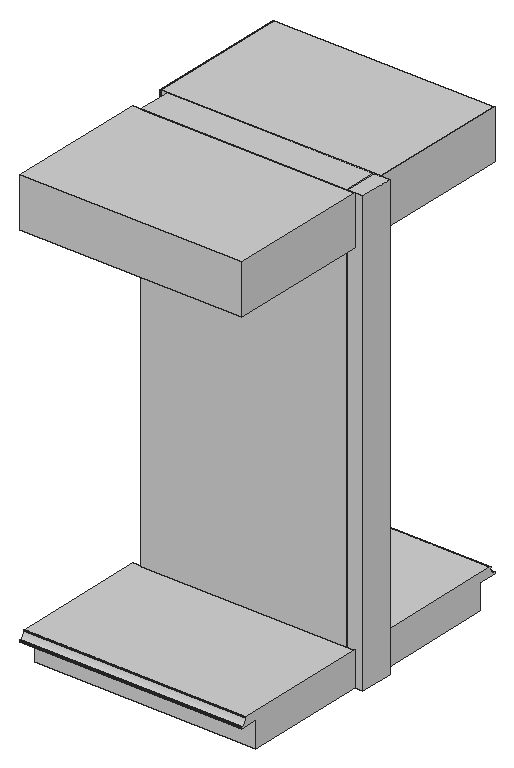
Revit family "CL2", category Specialty Equipment, Revit 2012
Parameters (values of type "Cantilever Storage System Add-On (Default)")
  Width = 3' - 0"
  URL = "http://madixinc.com/display/maxiline/core.html"
  Model = "Maxi Line"
  Manufacturer = "© 2012 Madix, Inc. All rights reserved."
  Canopy Height' = 0' - 8"
  "Back" Base Shelf [instance] = yes
  "Back" Canopy [instance] = yes
  "Front" Shelf Depth = 1' - 10"
  "Back" Shelf Depth = 1' - 10"
  Upright Height = 6' - 0"
Reference planes (in)
  plane 1 "Center (Front/Back)": y = 0
  plane 2: z = 0
  plane 3 "Center (Left/Right)": x = 0
  plane 4: y = 2.75
  plane 5: y = -2.75
  plane 6: z = 72
  plane 7: z = 0
  plane 8 "1st shelf": z = 23.5
  plane 9 "2nd shelf": z = 41.5
  plane 10 "3rd shelf": z = 59.5
  plane 11 "4th shelf": z = 77.5
  plane 12: y = -25.625
  plane 13: x = -18
  plane 14: x = 18
  plane 15: x = -17.875
  plane 16: x = 17.875
  plane 17: z = 41.5
  plane 18: y = 25.625
  plane 19: y = 24.75
  plane 20: y = -24.75
  plane 21: z = 64
Forms (in)
  Extrusion 1, solid, material "Metal - Steel"
    sketch origin (-24, 1.375, 0) x (1, 0, 0) y (0, 0, 1)
      loop
        line (7.2815, 0) -> (42, 0) -> (43.25, 0) -> (43.25, 72) -> (40.75, 72) -> (40.75, 0.03125) -> (40.71924, 0.03125) -> (40.71924, 72) -> (7.2815, 72) -> (7.2815, 0)
    from -1.375 to 4.125
  Extrusion 2, solid, material "Metal - Steel"
    sketch origin (0, -1.375, 0) x (0, 1, 0) y (0, 0, 1)
      loop
        line (-1.375, 0) -> (-1.375, 5.5) -> (-23.375, 5.5) -> (-23.50139, 5.5) -> (-23.50139, 5.375) -> (-23.375, 5.375)
        arc (-23.375, 5.375) -> (-23.63696, 4.73714) -> (-24.125, 4.25) r 1.75
        line (-24.125, 4.25) -> (-24.125, 4.375) -> (-24.25, 4.375) -> (-24.25, 4.25) -> (-24.25, 4.125) -> (-21.375, 4.125) -> (-21.375, 0) -> (-1.375, 0)
    from -18 to 18
  Extrusion 3, solid, material "Metal - Steel", visible <- ""Back" Base Shelf"
    sketch origin (0, 1.375, 0) x (0, -1, 0) y (0, 0, -1)
      loop
        line (-1.375, 0) -> (-21.375, 0) -> (-21.375, -4.125) -> (-24.25, -4.125) -> (-24.25, -4.25) -> (-24.25, -4.375) -> (-24.125, -4.375) -> (-24.125, -4.25)
        arc (-24.125, -4.25) -> (-23.63696, -4.73714) -> (-23.375, -5.375) r 1.75
        line (-23.375, -5.375) -> (-23.50139, -5.375) -> (-23.50139, -5.5) -> (-23.375, -5.5) -> (-1.375, -5.5) -> (-1.375, 0)
    from -18 to 18
  Extrusion 4, solid, material "Metal - Steel"
    sketch origin (0, 0, 0) x (0, 1, 0) y (0, 0, 1)
      loop
        line (-2.75, 72) -> (-25.625, 72) -> (-25.625, 64) -> (-24.75, 64) -> (-24.75, 71) -> (-2.75, 71) -> (-2.75, 72)
    from -17.875 to 17.875
  Extrusion 5, solid, material "Metal - Steel"
    sketch origin (0, 0, 0) x (0, 1, 0) y (0, 0, 1)
      loop
        line (-2.75, 72) -> (-25.625, 72) -> (-25.625, 64) -> (-2.75, 64) -> (-2.75, 72)
    from -18 to -17.875
  Extrusion 6, solid, material "Metal - Steel"
    sketch origin (0, 0, 0) x (0, 1, 0) y (0, 0, -1)
      loop
        line (-2.75, -72) -> (-2.75, -64) -> (-25.625, -64) -> (-25.625, -72) -> (-2.75, -72)
    from -18 to -17.875
  Extrusion 7, solid, material "Metal - Steel", visible <- ""Back" Canopy"
    sketch origin (0, 0, 0) x (0, -1, 0) y (0, 0, -1)
      loop
        line (-2.75, -72) -> (-2.75, -71) -> (-24.75, -71) -> (-24.75, -64) -> (-25.625, -64) -> (-25.625, -72) -> (-2.75, -72)
    from -17.875 to 17.875
  Extrusion 8, solid, material "Metal - Steel", visible <- ""Back" Canopy"
    sketch origin (0, 0, 0) x (0, -1, 0) y (0, 0, -1)
      loop
        line (-2.75, -72) -> (-2.75, -64) -> (-25.625, -64) -> (-25.625, -72) -> (-2.75, -72)
    from -18 to -17.875
  Extrusion 9, solid, material "Metal - Steel", visible <- ""Back" Canopy"
    sketch origin (0, 0, 0) x (0, -1, 0) y (0, 0, 1)
      loop
        line (-2.75, 72) -> (-25.625, 72) -> (-25.625, 64) -> (-2.75, 64) -> (-2.75, 72)
    from -18 to -17.875
Cuts and joins
  joined: Extrusion 4, Extrusion 5, Extrusion 6
Lines and regions (in)
  Split face 1
    outline origin (-24, -2.75, 0) x (1, 0, 0) y (0, 0, 1)
      loop
        line (7.2815, 72) -> (7.2815, 0.03125) -> (40.71924, 0.03125) -> (40.71924, 72)
  Split face 2
    outline origin (-24, 2.75, 0) x (1, 0, 0) y (0, 0, 1)
      loop
        line (40.71924, 72) -> (40.71924, 0.03125) -> (7.2815, 0.03125) -> (7.2815, 72)
Dimensions and locks (in)
  "Upright Height": plane 6 to level
  ""Front" Shelf Depth": plane 20 to plane 5
  equal spacing: plane 13, plane 3 "Center (Left/Right)", plane 14
  "Width": plane 13 to plane 14
  locked: plane 13 to plane 15 at 0.125
  locked: plane 16 to plane 14 at 0.125
  ""Back" Shelf Depth": plane 4 to plane 19
  locked: plane 19 to plane 18 at 0.875
  locked: plane 20 to plane 12 at 0.875
  "Canopy Height'": plane 6 to plane 21
  aligned and locked: level to plane 2
  aligned and locked: plane 12 to Extrusion 2
  aligned and locked: Extrusion 2 to plane 5
  aligned and locked: plane 13 to Extrusion 2
  aligned and locked: plane 14 to Extrusion 2
  aligned and locked: Extrusion 3 to Extrusion 2
  aligned and locked: Extrusion 2 to Extrusion 3
  aligned and locked: plane 13 to Extrusion 3
  aligned and locked: Extrusion 3 to plane 18
  aligned and locked: Extrusion 1 to plane 6  (x2)
  aligned and locked: plane 19 to Extrusion 3
  aligned and locked: plane 20 to Extrusion 2
  aligned and locked: Extrusion 4 to plane 16
  aligned and locked: Extrusion 4 to plane 15
  aligned and locked: Extrusion 5 to Extrusion 2
  aligned and locked: Extrusion 5 to plane 15
  aligned and locked: plane 16 to Extrusion 6
  aligned and locked: Extrusion 6 to Extrusion 2
  aligned and locked: plane 21 to cut or joined group of Extrusion 4, Extrusion 5, Extrusion 6
  aligned and locked: plane 13 to Extrusion 8
  aligned and locked: plane 15 to Extrusion 8
  aligned and locked: Extrusion 7 to plane 15
  aligned and locked: Extrusion 9 to plane 14
  aligned and locked: Extrusion 9 to plane 16
  aligned and locked: Extrusion 7 to plane 16
Automatic sketch dimensions
  Extrusion 2 sketch curve to plane 12 = 0' - 0"
  Extrusion 2 sketch curve to plane 20 = 0' - 0"  (x2)
  Extrusion 2 sketch curve to level = 0' - 0"
  Extrusion 2 sketch curve to plane 5 = 0' - 0"
  Extrusion 2 sketch curve to plane 12 = 0' - 0.84305"
  Extrusion 2 sketch curve to Extrusion 2 sketch curve = 0' - 0 1/8"  (x5)
  Extrusion 2 sketch curve to plane 20 = 0' - 0.12639"
  plane 20 to Extrusion 2 sketch curve = 0' - 2"
  level to Extrusion 2 sketch curve = 0' - 4 1/8"
  Extrusion 2 sketch curve to Extrusion 2 sketch curve = 0' - 1"
  Split face 1 sketch curve to Extrusion 1 = 0' - 0"  (x4)
  Extrusion 1 to Split face 1 sketch curve = 0' - 0"
  Extrusion 3 sketch curve to plane 18 = 0' - 0"
  Extrusion 3 sketch curve to plane 19 = 0' - 0"  (x2)
  Extrusion 3 sketch curve to level = 0' - 0"
  Extrusion 3 sketch curve to plane 4 = 0' - 0"
  plane 18 to Extrusion 3 sketch curve = 0' - 0.84305"
  Extrusion 3 sketch curve to plane 18 = 0' - 0 1/8"
  plane 19 to Extrusion 3 sketch curve = 0' - 0.12639"
  Extrusion 3 sketch curve to plane 19 = 0' - 2"
  Extrusion 3 sketch curve to level = 0' - 4 1/8"
  Extrusion 3 sketch curve to Extrusion 3 sketch curve = 0' - 0 1/8"  (x3)
  Extrusion 3 sketch curve to Extrusion 3 sketch curve = 0' - 0"
  Extrusion 3 sketch curve to Extrusion 3 sketch curve = 0' - 1"
  Extrusion 1 to Split face 2 sketch curve = 0' - 0"
  Split face 2 sketch curve to Extrusion 1 = 0' - 0"  (x4)
  plane 6 to Extrusion 4 sketch curve = 0' - 0"
  Extrusion 4 sketch curve to plane 12 = 0' - 0"
  Extrusion 4 sketch curve to plane 20 = 0' - 0"
  Extrusion 4 sketch curve to plane 5 = 0' - 0"
  plane 21 to Extrusion 4 sketch curve = 0' - 0"
  Extrusion 4 sketch curve to Extrusion 4 sketch curve = 0' - 1"
  plane 6 to Extrusion 5 sketch curve = 0' - 0"
  Extrusion 5 sketch curve to plane 12 = 0' - 0"
  Extrusion 5 sketch curve to plane 5 = 0' - 0"
  plane 21 to Extrusion 5 sketch curve = 0' - 0"
  plane 6 to Extrusion 6 sketch curve = 0' - 0"
  Extrusion 6 sketch curve to plane 12 = 0' - 0"
  Extrusion 6 sketch curve to plane 5 = 0' - 0"
  plane 21 to Extrusion 6 sketch curve = 0' - 0"
  plane 6 to Extrusion 7 sketch curve = 0' - 0"
  Extrusion 7 sketch curve to plane 18 = 0' - 0"
  Extrusion 7 sketch curve to plane 19 = 0' - 0"
  Extrusion 7 sketch curve to plane 4 = 0' - 0"
  plane 21 to Extrusion 7 sketch curve = 0' - 0"
  Extrusion 7 sketch curve to Extrusion 7 sketch curve = 0' - 1"
  plane 6 to Extrusion 8 sketch curve = 0' - 0"
  Extrusion 8 sketch curve to plane 18 = 0' - 0"
  Extrusion 8 sketch curve to plane 4 = 0' - 0"
  plane 21 to Extrusion 8 sketch curve = 0' - 0"
  plane 6 to Extrusion 9 sketch curve = 0' - 0"
  Extrusion 9 sketch curve to plane 18 = 0' - 0"
  Extrusion 9 sketch curve to plane 4 = 0' - 0"
  plane 21 to Extrusion 9 sketch curve = 0' - 0"
  Extrusion 1 sketch curve to level = 0' - 0"
  Extrusion 1 sketch curve to plane 6 = 0' - 0"  (x2)
  plane 14 to Extrusion 1 sketch curve = 0' - 0"
  plane 16 to Extrusion 1 sketch curve = 0' - 1 1/8"
  Extrusion 1 sketch curve to Extrusion 1 sketch curve = 0' - 0.03076"
  plane 15 to Extrusion 1 sketch curve = 0' - 1.1565"
  Extrusion 1 sketch curve to plane 14 = 0' - 1 1/4"
  level to Extrusion 1 sketch curve = 0' - 0 1/32"
